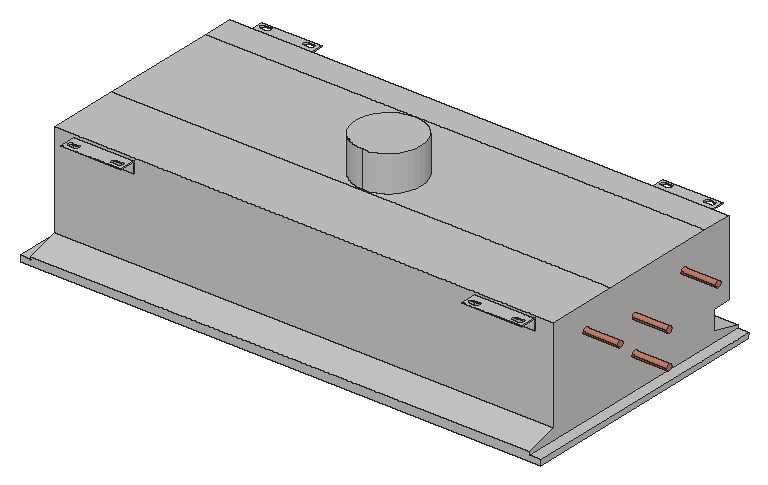
Revit family "HVAC-Chilled_Beam-Dadanco-ACB20", category Mechanical Equipment, Revit 2018
Family settings
  Round Connector Dimension = Use Diameter
  Part Type = Normal
  OmniClass Number = 23.75.70.17.31
  OmniClass Title = Induction Units
  Work Plane-Based = No
  Always vertical = Yes
  Cut with Voids When Loaded = No
  Shared = No
  Room Calculation Point = No
Parameters (values of type "4' Nominal Length")
  Zone Name [instance] = ""
  Zone ID [instance] = ""
  Unit Width = 1' - 11 3/4"  # constant formula
  Unit Weight = if(Nominal Unit Length = 2' 0", "45 lb", if(Nominal Unit Length = 4' 0", "84 lb", if(Nominal Unit Length = 6' 0", "122 lb", if(Nominal Unit Length = 8' 0", "161 lb", if(Nominal Unit Length = 10' 0", "199 lb", "0 lb")))))  # "84 lb"
  Unit Tag [instance] = ""
  Unit Height = 0' - 10 49/256"  # constant formula
  Total Cooling Capacity = 0.0 Btu/h
  TopTwo Right [instance] = or(Right Short, [4 Pipe Coil Configuration Right Long])  # yes
  TopTwo Pressure Drop [instance] = if(Short, SCHW Pressure Drop, SHHW Pressure Drop)  # 0 Pa
  TopTwo Left [instance] = or(Left Short, [4 Pipe Coil Configuration Left Long])  # no
  TopTwo Flow [instance] = if(Short, SCHW Flow, SHHW Flow)  # 0 GPM
  Supply Air = 0 CFM
  Sound Level dBA = ""
  Sound Level NC = ""
  Short = not(Long)  # no
  Secondary Air Sensible Heating = 0.0 Btu/h
  Secondary Air Sensible Cooling = 0.0 Btu/h
  SHHW Temperature = 0 °F
  SHHW Pressure Drop [instance] = HWPD  # 0 Pa
  SHHW Flow [instance] = HWF  # 0 GPM
  SCHW Temperature = 0 °F
  SCHW Pressure Drop [instance] = CWPD  # 0 Pa
  SCHW Flow [instance] = CWF  # 0 GPM
  Right Short [instance] = and(Coil Connection Right, Short)  # no
  Right Long [instance] = and(Coil Connection Right, Long)  # yes
  Primary Air Static Pressure [instance] = PASP  # 0.00 in-wg
  Primary Air Inlet Top [instance] = not(Primary Air Inlet Back)  # yes
  Primary Air Inlet Size = 0' - 6"
  Primary Air Inlet Back [instance] = no
  Primary Air Flow Rate [instance] = PA  # 0 CFM
  PASP = 0.00 in-wg
  PA = 0 CFM
  Origin1 = Nominal Unit Length / 2  # 2' - 0"
  Nozzle Configuration = ""
  Nominal Unit Length = 4' - 0"
  Net Unit Heating Sensible = 0.0 Btu/h
  Net Unit Cooling Sensible = 0.0 Btu/h
  Unit Length = Nominal Unit Length - 0' 0 1/4"  # 3' - 11 3/4"
  URL = "http://www.dadanco.com/"
  Type Comments = "2-way Discharge Vertical Coil"
  SHHW Temp Out = 0 °F
  SCHW Temp Out = 0 °F
  Product Page URL = ""
  Long = if(Nominal Unit Length > 3' 0", 1 = 1, 1 = 0)  # yes
  Left Short [instance] = and(Coil Connection Left, Short)  # no
  Left Long [instance] = and(Coil Connection Left, Long)  # no
  Latent Cooling = 0.0 Btu/h
  Keynote = ""
  Heating Supply Air Temperature = 0 °F
  Heating Room Dry Bulb = 0 °F
  Heating Primary Air Dry Bulb = 0 °F
  HWPD = 0 Pa
  HWF = 0 GPM
  Front Back Air Inlet [instance] = or(Primary Air Inlet Top, Primary Air Inlet Back)  # yes
  Pipe Material = Metal-Dadanco-Copper-Satin
  Pipe Coil Outlet = "2 Pipe Coi, 0.5 inch SWT Stub Coil Connection"
  Pipe Coil Inlet = "2 Pipe Coi, 0.5 inch SWT Stub Coil Connection"
  Drip Tray (Non Drainable) = not(Drain Pan)  # yes
  Drain Right [instance] = and(Coil Connection Right, Drain Pan)  # no
  Drain Pan = no
  Drain Left [instance] = and(Coil Connection Left, Drain Pan)  # no
  Documentation Link = ""
  Cooling Supply Air Temperature = 0 °F
  Cooling Room Relative Humidity = 0
  Cooling Room Dry Bulb = 0 °F
  Cooling Primary Air Wet Bulb = 0 °F
  Cooling Primary Air Dry Bulb = 0 °F
  Coil Connection Right [instance] = yes
  Coil Connection Left [instance] = not(Coil Connection Right)  # no
  Revision Date = "10/26/2021"  # constant formula
  Coil Length = if(Nominal Unit Length = 2' 0", 2' 0", if(Nominal Unit Length = 4' 0", 3' 4", if(Nominal Unit Length = 6' 0", 5' 4", 0' 0")))  # 3' - 4"
  Model = "ACB20"  # constant formula
  Manufacturer = "Dadanco"  # constant formula
  Housing Material = Metal-Dadanco-Steel-Galvanized
  Description = "Active Chilled Beam"  # constant formula
  CWPD = 0 Pa
  CWF = 0 GPM
  4 Pipe Right [instance] = and([4 Pipe Coil Configuration], Coil Connection Right)  # yes
  4 Pipe Left [instance] = and([4 Pipe Coil Configuration], Coil Connection Left)  # no
  4 Pipe Coil Configuration Right Short [instance] = and([4 Pipe Coil Configuration], Coil Connection Right, Short)  # no
  4 Pipe Coil Configuration Right Long [instance] = and([4 Pipe Coil Configuration], Coil Connection Right, Long)  # yes
  4 Pipe Coil Configuration Left Short [instance] = and([4 Pipe Coil Configuration], Coil Connection Left, Short)  # no
  4 Pipe Coil Configuration Left Long [instance] = and([4 Pipe Coil Configuration], Coil Connection Left, Long)  # no
  4 Pipe Coil Configuration = if([2 or 4 pipe] = 4, 1 = 1, 1 = 0)  # yes
  2 or 4 pipe = 4
  2 Pipe Coil Configuration Right Short [instance] = and([2 Pipe Coil Configuration], Coil Connection Right, Short)  # no
  2 Pipe Coil Configuration Right Long [instance] = and([2 Pipe Coil Configuration], Coil Connection Right, Long)  # no
  2 Pipe Coil Configuration Left Short [instance] = and([2 Pipe Coil Configuration], Coil Connection Left, Short)  # no
  2 Pipe Coil Configuration Left Long [instance] = and([2 Pipe Coil Configuration], Coil Connection Left, Long)  # no
  2 Pipe Coil Configuration = if([2 or 4 pipe] = 2, 1 = 1, 1 = 0)  # no
  Assembly Code = "D3040100"
Types (6): name | Unit Weight | TopTwo Right | Short | Right Short | Right Long | Primary Air Inlet Top | Primary Air Inlet Back | Origin1 | Nominal Unit Length | Unit Length | Type Comments | Long | Pipe Coil Outlet | Pipe Coil Inlet | Drip Tray (Non Drainable) | Drain Right | Drain Pan | Coil Length | 4 Pipe Right | 4 Pipe Coil Configuration Right Long | 4 Pipe Coil Configuration | 2 or 4 pipe | 2 Pipe Coil Configuration Right Short | 2 Pipe Coil Configuration Right Long | 2 Pipe Coil Configuration
  (no name) | "84 lb" | yes | no | no | yes | yes | no | 2' - 0" | 4' - 0" | 3' - 11 3/4" | "2-way Discharge Vertical Coil" | yes | "2 Pipe Coi, 0.5 inch SWT Stub Coil Connection" | "2 Pipe Coi, 0.5 inch SWT Stub Coil Connection" | yes | no | no | 3' - 4" | yes | yes | yes | 4 | no | no | no
  4' Nominal Length | "84 lb" | yes | no | no | yes | yes | no | 2' - 0" | 4' - 0" | 3' - 11 3/4" | "2-way Discharge Vertical Coil" | yes | "2 Pipe Coi, 0.5 inch SWT Stub Coil Connection" | "2 Pipe Coi, 0.5 inch SWT Stub Coil Connection" | yes | no | no | 3' - 4" | yes | yes | yes | 4 | no | no | no
  2' Nominal Length | "45 lb" | yes | yes | yes | no | yes | no | 1' - 0" | 2' - 0" | 1' - 11 3/4" | "2-way DischargeVertical Coil" | no | "2 Pipe Coi, 0.5 inch SWT Stub Coil Connection" | "2 Pipe Coi, 0.5 inch SWT Stub Coil Connection" | no | yes | yes | 2' - 0" | no | no | no | 2 | yes | no | yes
  6' Nominal Length | "122 lb" | no | no | no | yes | no | yes | 3' - 0" | 6' - 0" | 5' - 11 3/4" | "2-way Discharge Vertical Coil" | yes | "2 Pipe Coil, 0.5 inch SWT Stub Coil Connection" | "2 Pipe Coil, 0.5 inch SWT Stub Coil Connection" | no | yes | yes | 5' - 4" | no | no | no | 2 | no | yes | yes
  8' Nominal Length | "161 lb" | no | no | no | yes | no | yes | 4' - 0" | 8' - 0" | 7' - 11 3/4" | "2-way Discharge Vertical Coil" | yes | "2 Pipe Coi, 0.5 inch SWT Stub Coil Connection" | "2 Pipe Coi, 0.5 inch SWT Stub Coil Connection" | no | yes | yes | 0' - 0" | no | no | no | 2 | no | yes | yes
  10' Nominal Length | "199 lb" | no | no | no | yes | no | yes | 5' - 0" | 10' - 0" | 9' - 11 3/4" | "2-way Discharge Vertical Coil" | yes | "2 Pipe Coi, 0.5 inch SWT Stub Coil Connection" | "2 Pipe Coi, 0.5 inch SWT Stub Coil Connection" | no | yes | yes | 0' - 0" | no | no | no | 2 | no | yes | yes
Reference planes (in)
  plane 1 "Center (Front/Back)": y = 0.99087
  plane 2 "Top Face of Plenum": z = 10.19141
  plane 3 "Center (Left/Right)": x = 0.55581
  plane 4 "Right End": x = 24.43081
  plane 5 "Bottom Face": z = 0
  plane 6 "Left End": x = -23.31919
  plane 7 "brkt_LH": x = -20.56919
  plane 8 "Brkt_RH": x = 21.68081
  plane 9 "Back_end": y = 12.86587
  plane 10 "Front End": y = -10.88413
  plane 11 "Endpl_H": z = 0.8
  plane 12 "Sidedct_H": z = 6.69
  plane 13 "topdct_ctr": y = 1.49087
  plane 14 "sidepl_bnd": z = 1.5
  plane 15 "bend_frt": y = -8.13413
  plane 16 "bnd_back": y = 10.11587
  plane 17 "plen_bot": z = 3.25
  plane 18 "pln_face": y = 11.86587
  plane 19 "MTG_BRK_TOP": z = 9.94141
  plane 20 "MTG_BKT_FRT": y = -9.63413
  plane 21 "MTG_BKT_BOT": z = 8.94141
  plane 22 "mtg_hole_frt": y = -9.13413
  plane 23 "mtg_hol_back": y = 12.86587
  plane 24 "mtg_5": x = -15.06919
  plane 25 "mtg 1": x = -20.31919
  plane 26 "mtg_2": x = -19.31919
  plane 27 "mtg_3": x = -16.31919
  plane 28 "mtg 4": x = -15.31919
  plane 29 "mtg 7": x = 16.43081
  plane 30 "mtg 6": x = 16.18081
  plane 31 "mtg 8": x = 17.43081
  plane 32 "Drain_back": y = 7.11087
  plane 33 "drain_frt": y = -5.12913
  plane 34 "drain_h": z = 1.75
  plane 35 "long_CHW_sup": z = 3.65
  plane 36 "Long_2P_CHW_ret": z = 8.02
  plane 37 "chw_ret_4p_long": z = 6.75
  plane 38 "4p_front": y = -4.62913
  plane 39 "4p_back": y = 6.60087
  plane 40 "4p_short": z = 6.15
Forms (in)
  Extrusion 1, solid, material "Metal-Dadanco-Steel-Galvanized" <- "Housing Material"
    sketch origin (0.55581, 0, -0.011) x (0, 1, 0) y (0, 0, 1)
      loop
        line (-8.13413, 10.20241) -> (-8.13413, 1.511) -> (-10.88413, 0.771) -> (-10.88413, 0) -> (12.86587, 0) -> (12.86587, 0.811) -> (10.11587, 1.511) -> (10.11587, 3.261) -> (11.86587, 3.261) -> (11.86587, 10.20241) -> (9.11587, 10.20241) -> (-1.63413, 10.20241) -> (-8.13413, 10.20241)
    from -23.875 to 23.875
  Extrusion 2, solid, material "Metal-Dadanco-Steel-Galvanized", visible <- "Primary Air Inlet Back"
    sketch origin (0.55581, 11.8689, 0.44151) x (0, 0, 1) y (1, 0, 0)
      loop
        circle (6.24041, 0) r 3
    from 0 to 2.83
  Extrusion 3, void
    sketch origin (-23.31919, 0, -0.011) x (0, 1, 0) y (0, 0, 1)
      loop
        line (12.86587, 10.20241) -> (-10.88413, 10.20241) -> (-10.88413, 0.511) -> (12.86587, 0.511) -> (12.86587, 10.20241)
    from 0 to 1
  Extrusion 4, solid, material "Metal-Dadanco-Steel-Galvanized", visible <- "Primary Air Inlet Top"
    sketch origin (0.55581, 9.82583, 10.19141) x (0, -1, 0) y (1, 0, 0)
      loop
        circle (8.3446, 0) r 3
    from 0 to 3.30078
  Extrusion 5, solid, material "Metal-Dadanco-Steel-Galvanized" <- "Housing Material"
    sketch origin (-20.56919, 0, 0) x (0, 1, 0) y (0, 0, 1)
      loop
        line (-8.19663, 8.94141) -> (-8.13413, 8.94141) -> (-8.13413, 9.94141) -> (-9.63413, 9.94141) -> (-9.63413, 9.87859) -> (-8.19663, 9.87859) -> (-8.19663, 8.94141)
    from 0 to 5.5
  Extrusion 6, void
    sketch origin (0, -0.2522, 9.94141) x (-1, 0, 0) y (0, -1, 0)
      loop
        line (20.06919, 9.13193) -> (19.57232, 9.13193)
        spline (19.57232, 9.13193) -> (19.50761, 9.12361) -> (19.44732, 9.09923) -> (19.39554, 9.06045) -> (19.35581, 9.0099) -> (19.33083, 8.95104) -> (19.32232, 8.88787) -> (19.33083, 8.82471) -> (19.35581, 8.76584) -> (19.39554, 8.7153) -> (19.44732, 8.67651) -> (19.50761, 8.65213) -> (19.57232, 8.64382)
        line (19.57232, 8.64382) -> (20.06919, 8.64382)
        spline (20.06919, 8.64382) -> (20.13389, 8.65213) -> (20.19419, 8.67651) -> (20.24596, 8.7153) -> (20.28569, 8.76584) -> (20.31067, 8.82471) -> (20.31919, 8.88787) -> (20.31067, 8.95104) -> (20.28569, 9.0099) -> (20.24596, 9.06045) -> (20.19419, 9.09923) -> (20.13389, 9.12361) -> (20.06919, 9.13193)
    from 0 to -0.0625
  Extrusion 7, solid, material "Metal-Dadanco-Steel-Galvanized" <- "Housing Material"
    sketch origin (-20.56919, 3.48477, 0) x (0, -1, 0) y (0, 0, -1)
      loop
        line (-8.44663, -8.94141) -> (-8.44663, -9.87859) -> (-9.88751, -9.87859) -> (-9.88751, -9.94141) -> (-8.38413, -9.94141) -> (-8.38413, -8.94141) -> (-8.44663, -8.94141)
    from 0 to 5.5
  Extrusion 8, void
    sketch origin (0, 0, 9.94141) x (-1, 0, 0) y (0, -1, 0)
      loop
        line (20.06919, -12.61587) -> (19.57232, -12.61587)
        spline (19.57232, -12.61587) -> (19.50761, -12.62418) -> (19.44732, -12.64857) -> (19.39554, -12.68735) -> (19.35581, -12.7379) -> (19.33083, -12.79676) -> (19.32232, -12.85992) -> (19.33083, -12.92309) -> (19.35581, -12.98195) -> (19.39554, -13.0325) -> (19.44732, -13.07128) -> (19.50761, -13.09566) -> (19.57232, -13.10398)
        line (19.57232, -13.10398) -> (20.06919, -13.10398)
        spline (20.06919, -13.10398) -> (20.13389, -13.09566) -> (20.19419, -13.07128) -> (20.24596, -13.0325) -> (20.28569, -12.98195) -> (20.31067, -12.92309) -> (20.31919, -12.85992) -> (20.31067, -12.79676) -> (20.28569, -12.7379) -> (20.24596, -12.68735) -> (20.19419, -12.64857) -> (20.13389, -12.62418) -> (20.06919, -12.61587)
    from 0 to -0.0625
  Extrusion 9, solid, material "Metal-Dadanco-Steel-Galvanized" <- "Housing Material"
    sketch origin (21.68081, 0, 0) x (0, 1, 0) y (0, 0, 1)
      loop
        line (11.9314, 8.94141) -> (11.9314, 9.87859) -> (13.37228, 9.87859) -> (13.37228, 9.94141) -> (11.8689, 9.94141) -> (11.8689, 8.94141) -> (11.9314, 8.94141)
    from 0 to -5.5
  Extrusion 10, void
    sketch origin (1.11162, 21.7478, 9.94141) x (1, 0, 0) y (0, 1, 0)
      loop
        spline (20.06919, -9.13193) -> (20.13389, -9.12361) -> (20.19419, -9.09923) -> (20.24596, -9.06045) -> (20.28569, -9.0099) -> (20.31067, -8.95104) -> (20.31919, -8.88787) -> (20.31067, -8.82471) -> (20.28569, -8.76584) -> (20.24596, -8.7153) -> (20.19419, -8.67651) -> (20.13389, -8.65213) -> (20.06919, -8.64382)
        line (20.06919, -8.64382) -> (19.57232, -8.64382)
        spline (19.57232, -8.64382) -> (19.50761, -8.65213) -> (19.44732, -8.67651) -> (19.39554, -8.7153) -> (19.35581, -8.76584) -> (19.33083, -8.82471) -> (19.32232, -8.88787) -> (19.33083, -8.95104) -> (19.35581, -9.0099) -> (19.39554, -9.06045) -> (19.44732, -9.09923) -> (19.50761, -9.12361) -> (19.57232, -9.13193)
        line (19.57232, -9.13193) -> (20.06919, -9.13193)
    from 0 to -0.0625
  Extrusion 11, solid, material "Metal-Dadanco-Steel-Galvanized" <- "Housing Material"
    sketch origin (21.68081, 0, 0) x (0, 1, 0) y (0, 0, 1)
      loop
        line (-8.19663, 8.94141) -> (-8.13413, 8.94141) -> (-8.13413, 9.94141) -> (-9.63413, 9.94141) -> (-9.63413, 9.87859) -> (-8.19663, 9.87859) -> (-8.19663, 8.94141)
    from 0 to -5.5
  Extrusion 12, void
    sketch origin (1.11162, -0.2522, 9.94141) x (1, 0, 0) y (0, 1, 0)
      loop
        spline (20.06919, -9.13193) -> (20.13389, -9.12361) -> (20.19419, -9.09923) -> (20.24596, -9.06045) -> (20.28569, -9.0099) -> (20.31067, -8.95104) -> (20.31919, -8.88787) -> (20.31067, -8.82471) -> (20.28569, -8.76584) -> (20.24596, -8.7153) -> (20.19419, -8.67651) -> (20.13389, -8.65213) -> (20.06919, -8.64382)
        line (20.06919, -8.64382) -> (19.57232, -8.64382)
        spline (19.57232, -8.64382) -> (19.50761, -8.65213) -> (19.44732, -8.67651) -> (19.39554, -8.7153) -> (19.35581, -8.76584) -> (19.33083, -8.82471) -> (19.32232, -8.88787) -> (19.33083, -8.95104) -> (19.35581, -9.0099) -> (19.39554, -9.06045) -> (19.44732, -9.09923) -> (19.50761, -9.12361) -> (19.57232, -9.13193)
        line (19.57232, -9.13193) -> (20.06919, -9.13193)
    from 0 to -0.0625
  Extrusion 13, void
    sketch origin (24.43081, 0, -0.011) x (0, -1, 0) y (0, 0, 1)
      loop
        line (-12.86587, 10.20241) -> (-12.86587, 0.511) -> (10.88413, 0.511) -> (10.88413, 10.20241) -> (-12.86587, 10.20241)
    from 0 to 1
  Extrusion 14, void
    sketch origin (0, 0, 9.94141) x (-1, 0, 0) y (0, -1, 0)
      loop
        line (16.06919, -12.61587) -> (15.57232, -12.61587)
        spline (15.57232, -12.61587) -> (15.50761, -12.62418) -> (15.44732, -12.64857) -> (15.39554, -12.68735) -> (15.35581, -12.7379) -> (15.33083, -12.79676) -> (15.32232, -12.85992) -> (15.33083, -12.92309) -> (15.35581, -12.98195) -> (15.39554, -13.0325) -> (15.44732, -13.07128) -> (15.50761, -13.09566) -> (15.57232, -13.10398)
        line (15.57232, -13.10398) -> (16.06919, -13.10398)
        spline (16.06919, -13.10398) -> (16.13389, -13.09566) -> (16.19419, -13.07128) -> (16.24596, -13.0325) -> (16.28569, -12.98195) -> (16.31067, -12.92309) -> (16.31919, -12.85992) -> (16.31067, -12.79676) -> (16.28569, -12.7379) -> (16.24596, -12.68735) -> (16.19419, -12.64857) -> (16.13389, -12.62418) -> (16.06919, -12.61587)
    from 0 to -0.0625
  Extrusion 15, void
    sketch origin (0, -22, 9.94141) x (-1, 0, 0) y (0, -1, 0)
      loop
        line (16.06919, -12.61587) -> (15.57232, -12.61587)
        spline (15.57232, -12.61587) -> (15.50761, -12.62418) -> (15.44732, -12.64857) -> (15.39554, -12.68735) -> (15.35581, -12.7379) -> (15.33083, -12.79676) -> (15.32232, -12.85992) -> (15.33083, -12.92309) -> (15.35581, -12.98195) -> (15.39554, -13.0325) -> (15.44732, -13.07128) -> (15.50761, -13.09566) -> (15.57232, -13.10398)
        line (15.57232, -13.10398) -> (16.06919, -13.10398)
        spline (16.06919, -13.10398) -> (16.13389, -13.09566) -> (16.19419, -13.07128) -> (16.24596, -13.0325) -> (16.28569, -12.98195) -> (16.31067, -12.92309) -> (16.31919, -12.85992) -> (16.31067, -12.79676) -> (16.28569, -12.7379) -> (16.24596, -12.68735) -> (16.19419, -12.64857) -> (16.13389, -12.62418) -> (16.06919, -12.61587)
    from 0 to -0.0625
  Extrusion 16, void
    sketch origin (8.75, 0, 9.94141) x (-1, 0, 0) y (0, -1, 0)
      loop
        line (-7.93081, -12.61587) -> (-8.42768, -12.61587)
        spline (-8.42768, -12.61587) -> (-8.49239, -12.62418) -> (-8.55268, -12.64857) -> (-8.60446, -12.68735) -> (-8.64419, -12.7379) -> (-8.66917, -12.79676) -> (-8.67768, -12.85992) -> (-8.66917, -12.92309) -> (-8.64419, -12.98195) -> (-8.60446, -13.0325) -> (-8.55268, -13.07128) -> (-8.49239, -13.09566) -> (-8.42768, -13.10398)
        line (-8.42768, -13.10398) -> (-7.93081, -13.10398)
        spline (-7.93081, -13.10398) -> (-7.86611, -13.09566) -> (-7.80581, -13.07128) -> (-7.75404, -13.0325) -> (-7.71431, -12.98195) -> (-7.68933, -12.92309) -> (-7.68081, -12.85992) -> (-7.68933, -12.79676) -> (-7.71431, -12.7379) -> (-7.75404, -12.68735) -> (-7.80581, -12.64857) -> (-7.86611, -12.62418) -> (-7.93081, -12.61587)
    from 0 to -0.0625
  Extrusion 17, void
    sketch origin (8.75, -22, 9.94141) x (-1, 0, 0) y (0, -1, 0)
      loop
        line (-7.93081, -12.61587) -> (-8.42768, -12.61587)
        spline (-8.42768, -12.61587) -> (-8.49239, -12.62418) -> (-8.55268, -12.64857) -> (-8.60446, -12.68735) -> (-8.64419, -12.7379) -> (-8.66917, -12.79676) -> (-8.67768, -12.85992) -> (-8.66917, -12.92309) -> (-8.64419, -12.98195) -> (-8.60446, -13.0325) -> (-8.55268, -13.07128) -> (-8.49239, -13.09566) -> (-8.42768, -13.10398)
        line (-8.42768, -13.10398) -> (-7.93081, -13.10398)
        spline (-7.93081, -13.10398) -> (-7.86611, -13.09566) -> (-7.80581, -13.07128) -> (-7.75404, -13.0325) -> (-7.71431, -12.98195) -> (-7.68933, -12.92309) -> (-7.68081, -12.85992) -> (-7.68933, -12.79676) -> (-7.71431, -12.7379) -> (-7.75404, -12.68735) -> (-7.80581, -12.64857) -> (-7.86611, -12.62418) -> (-7.93081, -12.61587)
    from 0 to -0.0625
  Extrusion 18, solid, visible <- "Drain Right"
    sketch origin (24.43081, 0, 0) x (0, 1, 0) y (0, 0, -1)
      loop
        circle (-5.12913, -1.75) r 0.3125
    from 1 to -1.25
  Extrusion 19, solid, visible <- "Drain Right"
    sketch origin (24.43081, 0, 0) x (0, 1, 0) y (0, 0, -1)
      loop
        circle (7.11087, -1.75) r 0.3125
    from 1 to -1.25
  Extrusion 20, solid, visible <- "Drain Left"
    sketch origin (-23.31919, 29.0104, 48) x (0, 1, 0) y (0, 0, 1)
      loop
        circle (-34.13953, -46.25) r 0.3125
    from 1 to -1.25
  Extrusion 21, solid, visible <- "Drain Left"
    sketch origin (-23.31919, 29.0104, 48) x (0, 1, 0) y (0, 0, 1)
      loop
        circle (-21.89953, -46.25) r 0.3125
    from 1 to -1.25
  Extrusion 22, solid, material "Metal-Dadanco-Copper-Satin" <- "Pipe Material", visible <- "Right Long"
    sketch origin (24.43081, 0, 0) x (0, 1, 0) y (0, 0, -1)
      loop
        circle (0.99087, -3.65) r 0.25
    from 1 to -2.25
  Extrusion 23, solid, material "Metal-Dadanco-Copper-Satin" <- "Pipe Material", visible <- "2 Pipe Coil Configuration Right Long"
    sketch origin (24.43081, 0, 4.37) x (0, 1, 0) y (0, 0, -1)
      loop
        circle (0.99087, -3.65) r 0.25
    from 1 to -2.25
  Extrusion 24, solid, material "Metal-Dadanco-Copper-Satin" <- "Pipe Material", visible <- "4 Pipe Coil Configuration Right Long"
    sketch origin (24.43081, 0, 3.1) x (0, 1, 0) y (0, 0, -1)
      loop
        circle (0.99087, -3.65) r 0.25
    from 1 to -2.25
  Extrusion 25, solid, material "Metal-Dadanco-Copper-Satin" <- "Pipe Material", visible <- "TopTwo Right"
    sketch origin (24.43081, -5.62, 4.37) x (0, 1, 0) y (0, 0, -1)
      loop
        circle (0.99087, -3.65) r 0.25
    from 1 to -2.25
  Extrusion 26, solid, material "Metal-Dadanco-Copper-Satin" <- "Pipe Material", visible <- "TopTwo Right"
    sketch origin (24.43081, 5.61, 4.37) x (0, 1, 0) y (0, 0, -1)
      loop
        circle (0.99087, -3.65) r 0.25
    from 1 to -2.25
  Extrusion 27, solid, material "Metal-Dadanco-Copper-Satin" <- "Pipe Material", visible <- "4 Pipe Coil Configuration Right Short"
    sketch origin (24.43081, -5.62, 2.5) x (0, 1, 0) y (0, 0, -1)
      loop
        circle (0.99087, -3.65) r 0.25
    from 1 to -2.25
  Extrusion 28, solid, material "Metal-Dadanco-Copper-Satin" <- "Pipe Material", visible <- "4 Pipe Coil Configuration Right Short"
    sketch origin (24.43081, 5.61, 2.5) x (0, 1, 0) y (0, 0, -1)
      loop
        circle (0.99087, -3.65) r 0.25
    from 1 to -2.25
  Extrusion 29, solid, material "Metal-Dadanco-Copper-Satin" <- "Pipe Material", visible <- "2 Pipe Coil Configuration Left Long"
    sketch origin (-23.31919, 29.0104, 48) x (0, 1, 0) y (0, 0, 1)
      loop
        circle (-28.01953, -39.98) r 0.25
    from 1 to -2.25
  Extrusion 30, solid, material "Metal-Dadanco-Copper-Satin" <- "Pipe Material", visible <- "Left Long"
    sketch origin (-23.31919, 29.0104, 48) x (0, 1, 0) y (0, 0, 1)
      loop
        circle (-28.01953, -44.35) r 0.25
    from 1 to -2.25
  Extrusion 31, solid, material "Metal-Dadanco-Copper-Satin" <- "Pipe Material", visible <- "4 Pipe Coil Configuration Left Long"
    sketch origin (-23.31919, 29.0104, 46.73) x (0, 1, 0) y (0, 0, 1)
      loop
        circle (-28.01953, -39.98) r 0.25
    from 1 to -2.25
  Extrusion 32, solid, material "Metal-Dadanco-Copper-Satin" <- "Pipe Material", visible <- "4 Pipe Coil Configuration Left Short"
    sketch origin (-23.31919, 23.3904, 46.13) x (0, 1, 0) y (0, 0, 1)
      loop
        circle (-28.01953, -39.98) r 0.25
    from 1 to -2.25
  Extrusion 33, solid, material "Metal-Dadanco-Copper-Satin" <- "Pipe Material", visible <- "4 Pipe Coil Configuration Left Short"
    sketch origin (-23.31919, 34.6204, 46.13) x (0, 1, 0) y (0, 0, 1)
      loop
        circle (-28.01953, -39.98) r 0.25
    from 1 to -2.25
  Extrusion 34, solid, material "Metal-Dadanco-Copper-Satin" <- "Pipe Material", visible <- "TopTwo Left"
    sketch origin (-23.31919, 34.6204, 48) x (0, 1, 0) y (0, 0, 1)
      loop
        circle (-28.01953, -39.98) r 0.25
    from 1 to -2.25
  Extrusion 35, solid, material "Metal-Dadanco-Copper-Satin" <- "Pipe Material", visible <- "TopTwo Left"
    sketch origin (-23.31919, 23.3904, 48) x (0, 1, 0) y (0, 0, 1)
      loop
        circle (-28.01953, -39.98) r 0.25
    from 1 to -2.25
Cuts and joins
  Extrusion 3, Extrusion 13 cuts Extrusion 1
  Extrusion 6, Extrusion 8, Extrusion 12, Extrusion 15, Extrusion 17 cuts Extrusion 5
  Extrusion 8, Extrusion 10, Extrusion 14, Extrusion 15, Extrusion 16 cuts Extrusion 7
  Extrusion 10, Extrusion 16 cuts Extrusion 9
  Extrusion 12, Extrusion 17 cuts Extrusion 11
Lines and regions (in)
  model lines, detail levels medium+fine
    curve 1: line (-23.31919, -5.13663, 0) -> (24.43081, -5.13663, 0)
    curve 2: line (-23.31919, 5.62637, 0) -> (24.43081, 5.62637, 0)
  symbolic lines, not visible, detail levels medium+fine
    curve 3: arc (0.43081, -5.48123, 8.17141) -> (0.55581, -5.48123, 8.29641) -> (0.68081, -5.48123, 8.17141) r 0.125
    curve 4: arc (0.68081, -5.48123, 8.17141) -> (0.55581, -5.48123, 8.04641) -> (0.43081, -5.48123, 8.17141) r 0.125
  symbolic lines, detail levels fine
    curve 5: line (-23.31919, 8.18979, 4.13) -> (24.43081, 8.18979, 4.13)
    curve 6: line (-23.31919, -6.07005, 4.13) -> (24.43081, -6.07005, 4.13)
  symbolic lines, detail levels medium+fine
    curve 7: line (-23.31919, -10.88413, 0) -> (24.43081, -10.88413, 0)
    curve 8: line (24.43081, 12.86587, 9.94141) -> (-23.31919, 12.86587, 9.94141)
Dimensions and locks (in)
  equal spacing: plane 6 "Left End", plane 3 "Center (Left/Right)", plane 4 "Right End"
  "Unit Length": plane 6 "Left End" to plane 4 "Right End"
  "Unit Height": plane 2 "Top Face of Plenum" to plane 5 "Bottom Face"
  Extrusion 2 to Extrusion 2 = 0' - 2.83"
  locked: plane 3 "Center (Left/Right)" to Extrusion 2 sketch curve at 0
  plane 6 "Left End" to plane 7 "brkt_LH" = 0' - 2 3/4"
  plane 8 "Brkt_RH" to plane 4 "Right End" = 0' - 2 3/4"
  plane 1 "Center (Front/Back)" to Extrusion 4 sketch curve = 0' - 0.49036"
  locked: Extrusion 4 sketch curve to plane 3 "Center (Left/Right)" at 0
  plane 10 "Front End" to plane 9 "Back_end" = 1' - 11 3/4"
  equal spacing: plane 9 "Back_end", plane 1 "Center (Front/Back)", plane 10 "Front End"
  cut or joined group of Extrusion 1, Extrusion 3, Extrusion 13 to plane 6 "Left End" to Extrusion 8 sketch curve = 0' - 0", 0' - 3"
  Extrusion 10 sketch curve to plane 4 "Right End" = 0' - 3"
  plane 26 "mtg_2" to plane 27 "mtg_3" = 0' - 3"
  cut or joined group of Extrusion 1, Extrusion 3, Extrusion 13 to plane 26 "mtg_2" = 0' - 4"
  plane 25 "mtg 1" to plane 26 "mtg_2" = 0' - 1"
  plane 28 "mtg 4" to plane 24 "mtg_5" = 0' - 0 1/4"  (x2)
  plane 24 "mtg_5" to curve 8 = 3' - 3 1/2"
  plane 27 "mtg_3" to plane 28 "mtg 4" = 0' - 1"
  plane 7 "brkt_LH" to plane 25 "mtg 1" = 0' - 0 1/4"
  plane 8 "Brkt_RH" to plane 31 "mtg 8" to plane 29 "mtg 7" = 0' - 4 1/4", 0' - 1"
  plane 29 "mtg 7" to plane 30 "mtg 6" = 0' - 0 1/4"
  plane 5 "Bottom Face" to plane 35 "long_CHW_sup" to plane 12 "Sidedct_H" = 0' - 3.65", 0' - 3.04"
  plane 5 "Bottom Face" to plane 37 "chw_ret_4p_long" to plane 36 "Long_2P_CHW_ret" = 0' - 6 3/4", 0' - 1.27"
  aligned and locked: plane 5 "Bottom Face" to level
  aligned and locked: Extrusion 1 to plane 6 "Left End"
  aligned and locked: Extrusion 1 to plane 4 "Right End"
  aligned and locked: plane 9 "Back_end" to cut or joined group of Extrusion 1, Extrusion 3, Extrusion 13
  aligned and locked: plane 10 "Front End" to cut or joined group of Extrusion 1, Extrusion 3, Extrusion 13
Automatic sketch dimensions
  Extrusion 1 sketch curve to plane 10 "Front End" = 0' - 0"
  Extrusion 1 sketch curve to plane 2 "Top Face of Plenum" = 0' - 0"
  Extrusion 1 sketch curve to plane 15 "bend_frt" = 0' - 0"
  Extrusion 1 sketch curve to plane 16 "bnd_back" = 0' - 0"
  Extrusion 1 sketch curve to plane 18 "pln_face" = 0' - 0"
  Extrusion 1 sketch curve to plane 9 "Back_end" = 0' - 0"
  Extrusion 1 sketch curve to plane 11 "Endpl_H" = 0' - 0"
  Extrusion 1 sketch curve to plane 14 "sidepl_bnd" = 0' - 0"  (x2)
  Extrusion 1 sketch curve to plane 17 "plen_bot" = 0' - 0"
  plane 1 "Center (Front/Back)" to Extrusion 1 sketch curve = 0' - 2 5/8"
  Extrusion 1 sketch curve to plane 16 "bnd_back" = 0' - 1"
  Extrusion 1 sketch curve to plane 11 "Endpl_H" = 0' - 0.04"
  Extrusion 1 sketch curve to level = 0' - 0.011"
  curve 1 to plane 4 "Right End" = 0' - 0"
  curve 2 to plane 4 "Right End" = 0' - 0"
  curve 7 to plane 4 "Right End" = 0' - 0"
  curve 7 to plane 6 "Left End" = 0' - 0"
  curve 2 to plane 6 "Left End" = 0' - 0"
  curve 1 to plane 6 "Left End" = 0' - 0"
  curve 7 to plane 10 "Front End" = 0' - 0"
  curve 1 to plane 33 "drain_frt" = 0' - 0.0075"
  curve 2 to plane 39 "4p_back" = 0' - 0.9745"
  curve 3 to curve 4 = 0' - 0"  (x2)
  curve 4 to plane 3 "Center (Left/Right)" = 0' - 0"
  plane 36 "Long_2P_CHW_ret" to curve 4 = 0' - 0.15141"
  plane 3 "Center (Left/Right)" to curve 3 = 0' - 0 1/8"
  Extrusion 2 sketch curve to plane 12 "Sidedct_H" = 0' - 0.00808"
  curve 5 to plane 4 "Right End" = 0' - 0"
  curve 5 to plane 6 "Left End" = 0' - 0"
  curve 6 to plane 4 "Right End" = 0' - 0"
  curve 6 to plane 6 "Left End" = 0' - 0"
  plane 32 "Drain_back" to curve 5 = 0' - 1.07892"
  plane 33 "drain_frt" to curve 6 = 0' - 0.94092"
  Extrusion 3 sketch curve to Extrusion 1 = 0' - 0"  (x3)
  Extrusion 1 to Extrusion 3 sketch curve = 0' - 0.511"
  plane 19 "MTG_BRK_TOP" to Extrusion 5 sketch curve = 0' - 0"
  Extrusion 5 sketch curve to plane 20 "MTG_BKT_FRT" = 0' - 0"
  plane 21 "MTG_BKT_BOT" to Extrusion 5 sketch curve = 0' - 0"
  Extrusion 5 sketch curve to plane 15 "bend_frt" = 0' - 0"
  Extrusion 5 sketch curve to plane 15 "bend_frt" = 0' - 0 1/16"
  plane 19 "MTG_BRK_TOP" to Extrusion 5 sketch curve = 0' - 0.06282"
  Extrusion 6 sketch curve to plane 26 "mtg_2" = 0' - 0.25313"
  plane 25 "mtg 1" to Extrusion 6 sketch curve = 0' - 0 1/4"
  plane 22 "mtg_hole_frt" to Extrusion 6 sketch curve = 0' - 0.23811"
  Extrusion 6 sketch curve to plane 20 "MTG_BKT_FRT" = 0' - 0 1/4"
  plane 19 "MTG_BRK_TOP" to Extrusion 7 sketch curve = 0' - 0"
  plane 21 "MTG_BKT_BOT" to Extrusion 7 sketch curve = 0' - 0"
  plane 9 "Back_end" to Extrusion 7 sketch curve = 0' - 0.50641"
  plane 18 "pln_face" to Extrusion 7 sketch curve = 0' - 0.06553"
  plane 18 "pln_face" to Extrusion 7 sketch curve = 0' - 0.00303"
  Extrusion 7 sketch curve to plane 19 "MTG_BRK_TOP" = 0' - 0.06282"
  Extrusion 8 sketch curve to plane 26 "mtg_2" = 0' - 0.25313"
  plane 25 "mtg 1" to Extrusion 8 sketch curve = 0' - 0 1/4"
  Extrusion 8 sketch curve to plane 9 "Back_end" = 0' - 0.23811"
  plane 9 "Back_end" to Extrusion 8 sketch curve = 0' - 0 1/4"
  plane 21 "MTG_BKT_BOT" to Extrusion 9 sketch curve = 0' - 0"
  plane 19 "MTG_BRK_TOP" to Extrusion 9 sketch curve = 0' - 0"
  Extrusion 9 sketch curve to plane 18 "pln_face" = 0' - 0.00303"
  Extrusion 9 sketch curve to Extrusion 9 sketch curve = 0' - 0 1/16"
  plane 19 "MTG_BRK_TOP" to Extrusion 9 sketch curve = 0' - 0.06282"
  Extrusion 9 sketch curve to plane 9 "Back_end" = 0' - 0.50641"
  plane 9 "Back_end" to Extrusion 10 sketch curve = 0' - 0.23811"
  plane 8 "Brkt_RH" to Extrusion 10 sketch curve = 0' - 0.99687"
  Extrusion 10 sketch curve to Extrusion 10 sketch curve = 0' - 0.49687"
  Extrusion 10 sketch curve to plane 9 "Back_end" = 0' - 0 1/4"
  plane 19 "MTG_BRK_TOP" to Extrusion 11 sketch curve = 0' - 0"
  Extrusion 11 sketch curve to plane 20 "MTG_BKT_FRT" = 0' - 0"
  plane 21 "MTG_BKT_BOT" to Extrusion 11 sketch curve = 0' - 0"
  Extrusion 11 sketch curve to plane 15 "bend_frt" = 0' - 0"
  Extrusion 11 sketch curve to plane 15 "bend_frt" = 0' - 0 1/16"
  plane 19 "MTG_BRK_TOP" to Extrusion 11 sketch curve = 0' - 0.06282"
  Extrusion 12 sketch curve to plane 22 "mtg_hole_frt" = 0' - 0.23811"
  plane 8 "Brkt_RH" to Extrusion 12 sketch curve = 0' - 0.99687"
  Extrusion 12 sketch curve to Extrusion 12 sketch curve = 0' - 0.49687"
  plane 20 "MTG_BKT_FRT" to Extrusion 12 sketch curve = 0' - 0 1/4"
  Extrusion 13 sketch curve to Extrusion 1 = 0' - 0"  (x3)
  Extrusion 1 to Extrusion 13 sketch curve = 0' - 0.511"
  Extrusion 14 sketch curve to plane 28 "mtg 4" = 0' - 0.25313"
  plane 27 "mtg_3" to Extrusion 14 sketch curve = 0' - 0 1/4"
  Extrusion 14 sketch curve to plane 9 "Back_end" = 0' - 0.23811"
  plane 9 "Back_end" to Extrusion 14 sketch curve = 0' - 0 1/4"
  Extrusion 15 sketch curve to plane 28 "mtg 4" = 0' - 0.25313"
  plane 27 "mtg_3" to Extrusion 15 sketch curve = 0' - 0 1/4"
  plane 22 "mtg_hole_frt" to Extrusion 15 sketch curve = 0' - 0.23811"
  Extrusion 15 sketch curve to plane 20 "MTG_BKT_FRT" = 0' - 0 1/4"
  plane 31 "mtg 8" to Extrusion 16 sketch curve = 0' - 0.25313"
  Extrusion 16 sketch curve to plane 29 "mtg 7" = 0' - 0 1/4"
  Extrusion 16 sketch curve to plane 9 "Back_end" = 0' - 0.23811"
  plane 9 "Back_end" to Extrusion 16 sketch curve = 0' - 0 1/4"
  plane 31 "mtg 8" to Extrusion 17 sketch curve = 0' - 0.25313"
  Extrusion 17 sketch curve to plane 29 "mtg 7" = 0' - 0 1/4"
  plane 22 "mtg_hole_frt" to Extrusion 17 sketch curve = 0' - 0.23811"
  Extrusion 17 sketch curve to plane 20 "MTG_BKT_FRT" = 0' - 0 1/4"
  curve 8 to plane 4 "Right End" = 0' - 0"
  curve 8 to plane 6 "Left End" = 0' - 0"
  plane 9 "Back_end" to curve 8 = 0' - 0"
  Extrusion 18 sketch curve to plane 33 "drain_frt" = 0' - 0"
  Extrusion 18 sketch curve to plane 34 "drain_h" = 0' - 0"
  Extrusion 19 sketch curve to plane 32 "Drain_back" = 0' - 0"
  Extrusion 19 sketch curve to plane 34 "drain_h" = 0' - 0"
  Extrusion 20 sketch curve to plane 33 "drain_frt" = 0' - 0"
  Extrusion 20 sketch curve to plane 34 "drain_h" = 0' - 0"
  Extrusion 21 sketch curve to plane 32 "Drain_back" = 0' - 0"
  Extrusion 21 sketch curve to plane 34 "drain_h" = 0' - 0"
  Extrusion 22 sketch curve to plane 1 "Center (Front/Back)" = 0' - 0"
  Extrusion 22 sketch curve to plane 35 "long_CHW_sup" = 0' - 0"
  Extrusion 23 sketch curve to plane 1 "Center (Front/Back)" = 0' - 0"
  Extrusion 23 sketch curve to plane 36 "Long_2P_CHW_ret" = 0' - 0"
  Extrusion 24 sketch curve to plane 1 "Center (Front/Back)" = 0' - 0"
  Extrusion 24 sketch curve to plane 37 "chw_ret_4p_long" = 0' - 0"
  Extrusion 25 sketch curve to plane 36 "Long_2P_CHW_ret" = 0' - 0"
  Extrusion 25 sketch curve to plane 38 "4p_front" = 0' - 0"
  Extrusion 26 sketch curve to plane 36 "Long_2P_CHW_ret" = 0' - 0"
  Extrusion 26 sketch curve to plane 39 "4p_back" = 0' - 0"
  Extrusion 27 sketch curve to plane 38 "4p_front" = 0' - 0"
  Extrusion 27 sketch curve to plane 40 "4p_short" = 0' - 0"
  Extrusion 28 sketch curve to plane 39 "4p_back" = 0' - 0"
  Extrusion 28 sketch curve to plane 40 "4p_short" = 0' - 0"
  Extrusion 29 sketch curve to plane 1 "Center (Front/Back)" = 0' - 0"
  Extrusion 29 sketch curve to plane 36 "Long_2P_CHW_ret" = 0' - 0"
  Extrusion 30 sketch curve to plane 1 "Center (Front/Back)" = 0' - 0"
  Extrusion 30 sketch curve to plane 35 "long_CHW_sup" = 0' - 0"
  Extrusion 31 sketch curve to plane 1 "Center (Front/Back)" = 0' - 0"
  Extrusion 31 sketch curve to plane 37 "chw_ret_4p_long" = 0' - 0"
  Extrusion 32 sketch curve to plane 38 "4p_front" = 0' - 0"
  Extrusion 32 sketch curve to plane 40 "4p_short" = 0' - 0"
  Extrusion 33 sketch curve to plane 39 "4p_back" = 0' - 0"
  Extrusion 33 sketch curve to plane 40 "4p_short" = 0' - 0"
  Extrusion 34 sketch curve to plane 36 "Long_2P_CHW_ret" = 0' - 0"
  Extrusion 34 sketch curve to plane 39 "4p_back" = 0' - 0"
  Extrusion 35 sketch curve to plane 36 "Long_2P_CHW_ret" = 0' - 0"
  Extrusion 35 sketch curve to plane 38 "4p_front" = 0' - 0"
  radius of Extrusion 2 sketch curve = 0' - 3"
  radius of Extrusion 4 sketch curve = 0' - 3"
  radius of Extrusion 18 sketch curve = 0' - 0 5/16"
  radius of Extrusion 19 sketch curve = 0' - 0 5/16"
  radius of Extrusion 20 sketch curve = 0' - 0 5/16"
  radius of Extrusion 21 sketch curve = 0' - 0 5/16"
  radius of Extrusion 22 sketch curve = 0' - 0 1/4"
  radius of Extrusion 23 sketch curve = 0' - 0 1/4"
  radius of Extrusion 24 sketch curve = 0' - 0 1/4"
  radius of Extrusion 25 sketch curve = 0' - 0 1/4"
  radius of Extrusion 26 sketch curve = 0' - 0 1/4"
  radius of Extrusion 27 sketch curve = 0' - 0 1/4"
  radius of Extrusion 28 sketch curve = 0' - 0 1/4"
  radius of Extrusion 29 sketch curve = 0' - 0 1/4"
  radius of Extrusion 30 sketch curve = 0' - 0 1/4"
  radius of Extrusion 31 sketch curve = 0' - 0 1/4"
  radius of Extrusion 32 sketch curve = 0' - 0 1/4"
  radius of Extrusion 33 sketch curve = 0' - 0 1/4"
  radius of Extrusion 34 sketch curve = 0' - 0 1/4"
  radius of Extrusion 35 sketch curve = 0' - 0 1/4"
Connectors (in)
  hvac at (0.55581, 14.6989, 6.68192), driven by "Primary Air Flow Rate", driven by "Primary Air Static Pressure", driven by "Primary Air Inlet Size"
    settings: on Extrusion 2, index 3, duct flow 0 CFM, flow factor 0, pres drop 0.00 in-wg, loss coef 0, conn angle 0.00°, conn width 7 215/256", conn height 2 41/64", conn diameter 6", duct sys type 1, conn prof type 0, flow config 1, flow direction 1, loss method 4, conn ref index -1, conn util no, is conn primary yes, conn desc "Primary Air Inlet Back (E)"
  hvac at (0.55581, 1.48123, 13.49219), driven by "Primary Air Static Pressure", driven by "Primary Air Flow Rate", driven by "Primary Air Inlet Size"
    settings: on Extrusion 4, index 21, duct flow 0 CFM, flow factor 0, pres drop 0.00 in-wg, loss coef 0, conn angle 0.00°, conn width 12", conn height 12", conn diameter 6", duct sys type 1, conn prof type 0, flow config 1, flow direction 1, loss method 4, conn ref index -1, conn util no, is conn primary no, conn desc "Primary Air Inlet Top"
  piping at (26.68081, -4.62913, 8.02), diameter 0.5, driven by "TopTwo Flow", driven by "TopTwo Pressure Drop"
    settings: on Extrusion 25, index 22, connector inside diameter 24", connector length 0' - 0", flow factor 0, pipe flow 0 GPM, pressure drop 0 Pa, fitting loss kfactor 0, connector angle 0.00°, fixture units 0, engagement length 0' - 0", angle of deflection 0.00°, flow configuration 1, flow direction 1, fitting loss method 4, system type 7, joint type 0, gender type 0, connector reference index -1, connector utility 0, adjustable connector no, is connector primary yes, connector description "CHW Supply (short) Or HW Supply (Long 4-pipe)"
  piping at (26.68081, 6.60087, 8.02), diameter 0.5, driven by "TopTwo Flow", driven by "TopTwo Pressure Drop"
    settings: on Extrusion 26, index 23, connector inside diameter 24", connector length 0' - 0", flow factor 0, pipe flow 0 GPM, pressure drop 0 Pa, fitting loss kfactor 0, connector angle 0.00°, fixture units 0, engagement length 0' - 0", angle of deflection 0.00°, flow configuration 1, flow direction 2, fitting loss method 4, system type 8, joint type 0, gender type 0, connector reference index -1, connector utility 0, adjustable connector no, is connector primary no, connector description "CHW Return (short) Or HW Return (Long 4-pipe)"
  piping at (26.68081, -4.62913, 6.15), diameter 0.5, driven by "SHHW Flow", driven by "SHHW Pressure Drop"
    settings: on Extrusion 27, index 24, connector inside diameter 24", connector length 0' - 0", flow factor 0, pipe flow 0 GPM, pressure drop 0 Pa, fitting loss kfactor 0, connector angle 0.00°, fixture units 0, engagement length 0' - 0", angle of deflection 0.00°, flow configuration 1, flow direction 1, fitting loss method 4, system type 7, joint type 0, gender type 0, connector reference index -1, connector utility 0, adjustable connector no, is connector primary no, connector description "HW Supply"
  piping at (26.68081, 6.60087, 6.15), diameter 0.5, driven by "SHHW Flow", driven by "SHHW Pressure Drop"
    settings: on Extrusion 28, index 25, connector inside diameter 24", connector length 0' - 0", flow factor 0, pipe flow 0 GPM, pressure drop 0 Pa, fitting loss kfactor 0, connector angle 0.00°, fixture units 0, engagement length 0' - 0", angle of deflection 0.00°, flow configuration 1, flow direction 2, fitting loss method 4, system type 8, joint type 0, gender type 0, connector reference index -1, connector utility 0, adjustable connector no, is connector primary no, connector description "HW Return"
  piping at (26.68081, 0.99087, 6.75), diameter 0.5, driven by "SCHW Flow", driven by "SCHW Pressure Drop"
    settings: on Extrusion 24, index 27, connector inside diameter 24", connector length 0' - 0", flow factor 0, pipe flow 0 GPM, pressure drop 0 Pa, fitting loss kfactor 0, connector angle 0.00°, fixture units 0, engagement length 0' - 0", angle of deflection 0.00°, flow configuration 1, flow direction 2, fitting loss method 4, system type 8, joint type 0, gender type 0, connector reference index -1, connector utility 0, adjustable connector no, is connector primary no, connector description "CHW Return"
  piping at (26.68081, 0.99087, 3.65), diameter 0.5, driven by "SCHW Flow", driven by "SCHW Pressure Drop"
    settings: on Extrusion 22, index 28, connector inside diameter 24", connector length 0' - 0", flow factor 0, pipe flow 0 GPM, pressure drop 0 Pa, fitting loss kfactor 0, connector angle 0.00°, fixture units 0, engagement length 0' - 0", angle of deflection 0.00°, flow configuration 1, flow direction 1, fitting loss method 4, system type 7, joint type 0, gender type 0, connector reference index -1, connector utility 0, adjustable connector no, is connector primary no, connector description "CHW Supply"
  piping at (26.68081, 0.99087, 8.02), diameter 0.5, driven by "SCHW Flow", driven by "SCHW Pressure Drop"
    settings: on Extrusion 23, index 29, connector inside diameter 24", connector length 0' - 0", flow factor 0, pipe flow 0 GPM, pressure drop 0 Pa, fitting loss kfactor 0, connector angle 0.00°, fixture units 0, engagement length 0' - 0", angle of deflection 0.00°, flow configuration 1, flow direction 2, fitting loss method 4, system type 8, joint type 0, gender type 0, connector reference index -1, connector utility 0, adjustable connector no, is connector primary no, connector description "CHW Return"
  piping at (-25.56919, 6.60087, 8.02), diameter 0.5, driven by "TopTwo Flow", driven by "TopTwo Pressure Drop"
    settings: on Extrusion 34, index 30, connector inside diameter 24", connector length 0' - 0", flow factor 0, pipe flow 0 GPM, pressure drop 0 Pa, fitting loss kfactor 0, connector angle 0.00°, fixture units 0, engagement length 0' - 0", angle of deflection 0.00°, flow configuration 1, flow direction 1, fitting loss method 4, system type 7, joint type 0, gender type 0, connector reference index -1, connector utility 0, adjustable connector no, is connector primary no, connector description "CHW Supply (short) Or HW Supply (Long 4-pipe)"
  piping at (-25.56919, -4.62913, 8.02), diameter 0.5, driven by "TopTwo Flow", driven by "TopTwo Pressure Drop"
    settings: on Extrusion 35, index 31, connector inside diameter 24", connector length 0' - 0", flow factor 0, pipe flow 0 GPM, pressure drop 0 Pa, fitting loss kfactor 0, connector angle 0.00°, fixture units 0, engagement length 0' - 0", angle of deflection 0.00°, flow configuration 1, flow direction 2, fitting loss method 4, system type 8, joint type 0, gender type 0, connector reference index -1, connector utility 0, adjustable connector no, is connector primary no, connector description "CHW Return (short) Or HW Return (Long 4-pipe)"
  piping at (-25.56919, 6.60087, 6.15), diameter 0.5, driven by "SHHW Flow", driven by "SHHW Pressure Drop"
    settings: on Extrusion 33, index 32, connector inside diameter 24", connector length 0' - 0", flow factor 0, pipe flow 0 GPM, pressure drop 0 Pa, fitting loss kfactor 0, connector angle 0.00°, fixture units 0, engagement length 0' - 0", angle of deflection 0.00°, flow configuration 1, flow direction 1, fitting loss method 4, system type 7, joint type 0, gender type 0, connector reference index -1, connector utility 0, adjustable connector no, is connector primary no, connector description "HW Supply"
  piping at (-25.56919, -4.62913, 6.15), diameter 0.5, driven by "SHHW Flow", driven by "SHHW Pressure Drop"
    settings: on Extrusion 32, index 33, connector inside diameter 24", connector length 0' - 0", flow factor 0, pipe flow 0 GPM, pressure drop 0 Pa, fitting loss kfactor 0, connector angle 0.00°, fixture units 0, engagement length 0' - 0", angle of deflection 0.00°, flow configuration 1, flow direction 2, fitting loss method 4, system type 8, joint type 0, gender type 0, connector reference index -1, connector utility 0, adjustable connector no, is connector primary no, connector description "HW Return"
  piping at (-25.56919, 0.99087, 3.65), diameter 0.5, driven by "SCHW Flow", driven by "SCHW Pressure Drop"
    settings: on Extrusion 30, index 34, connector inside diameter 24", connector length 0' - 0", flow factor 0, pipe flow 0 GPM, pressure drop 0 Pa, fitting loss kfactor 0, connector angle 0.00°, fixture units 0, engagement length 0' - 0", angle of deflection 0.00°, flow configuration 1, flow direction 1, fitting loss method 4, system type 7, joint type 0, gender type 0, connector reference index -1, connector utility 0, adjustable connector no, is connector primary no, connector description "CHW Supply"
  piping at (-25.56919, 0.99087, 6.75), diameter 0.5, driven by "SCHW Flow", driven by "SCHW Pressure Drop"
    settings: on Extrusion 31, index 35, connector inside diameter 24", connector length 0' - 0", flow factor 0, pipe flow 0 GPM, pressure drop 0 Pa, fitting loss kfactor 0, connector angle 0.00°, fixture units 0, engagement length 0' - 0", angle of deflection 0.00°, flow configuration 1, flow direction 2, fitting loss method 4, system type 8, joint type 0, gender type 0, connector reference index -1, connector utility 0, adjustable connector no, is connector primary no, connector description "CHW Return"
  piping at (-25.56919, 0.99087, 8.02), diameter 0.5, driven by "SCHW Flow", driven by "SCHW Pressure Drop"
    settings: on Extrusion 29, index 36, connector inside diameter 24", connector length 0' - 0", flow factor 0, pipe flow 0 GPM, pressure drop 0 Pa, fitting loss kfactor 0, connector angle 0.00°, fixture units 0, engagement length 0' - 0", angle of deflection 0.00°, flow configuration 1, flow direction 2, fitting loss method 4, system type 8, joint type 0, gender type 0, connector reference index -1, connector utility 0, adjustable connector no, is connector primary no, connector description "CHW Return"
  piping at (25.68081, -5.12913, 1.75), diameter 0.625
    settings: on Extrusion 18, index 37, connector inside diameter 24", connector length 0' - 0", flow factor 0, pipe flow 0 GPM, pressure drop 0 Pa, fitting loss kfactor 0, connector angle 0.00°, fixture units 0, engagement length 0' - 0", angle of deflection 0.00°, flow configuration 0, flow direction 2, fitting loss method 0, system type 16, joint type 0, gender type 0, connector reference index -1, connector utility 0, adjustable connector no, is connector primary no, connector description "Condensate Drain Connection"
  piping at (25.68081, 7.11087, 1.75), diameter 0.625
    settings: on Extrusion 19, index 38, connector inside diameter 24", connector length 0' - 0", flow factor 0, pipe flow 0 GPM, pressure drop 0 Pa, fitting loss kfactor 0, connector angle 0.00°, fixture units 0, engagement length 0' - 0", angle of deflection 0.00°, flow configuration 0, flow direction 2, fitting loss method 0, system type 16, joint type 0, gender type 0, connector reference index -1, connector utility 0, adjustable connector no, is connector primary no, connector description "Condensate Drain Connection"
  piping at (-24.56919, 7.11087, 1.75), diameter 0.625
    settings: on Extrusion 21, index 39, connector inside diameter 24", connector length 0' - 0", flow factor 0, pipe flow 0 GPM, pressure drop 0 Pa, fitting loss kfactor 0, connector angle 0.00°, fixture units 0, engagement length 0' - 0", angle of deflection 0.00°, flow configuration 0, flow direction 2, fitting loss method 0, system type 16, joint type 0, gender type 0, connector reference index -1, connector utility 0, adjustable connector no, is connector primary no, connector description "Condensate Drain Connection"
  piping at (-24.56919, -5.12913, 1.75), diameter 0.625
    settings: on Extrusion 20, index 40, connector inside diameter 24", connector length 0' - 0", flow factor 0, pipe flow 0 GPM, pressure drop 0 Pa, fitting loss kfactor 0, connector angle 0.00°, fixture units 0, engagement length 0' - 0", angle of deflection 0.00°, flow configuration 0, flow direction 2, fitting loss method 0, system type 16, joint type 0, gender type 0, connector reference index -1, connector utility 0, adjustable connector no, is connector primary no, connector description "Condensate Drain Connection"
